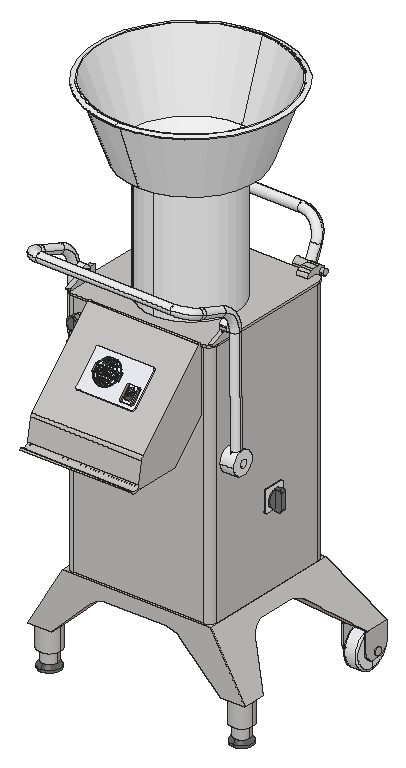
Revit family "QF_Hallde_RG400i-CF", category Specialty Equipment, Revit 2012
Parameters (values of type "RG-400i-CF")
  Width = 490 mm
  Weight in Pounds = 170
  Watts = 1500 W
  Volts [instance] = if([230 Volt Option], 230 V, if([400 Volt Option], 400 V, if([415 Volt Option], 415 V, 208 V)))  # 230 V
  URL Cutsheet = ""
  URL = "www.hallde.com"
  Status [instance] = ""
  Specification by User [instance] = ""
  Specification by Manufacturer [instance] = ""
  Show Logo [instance] = yes
  Show Clearance [instance] = yes
  Serial Number = ""
  Seismic Rating = ""
  SMACNA No = ""
  Revision Code [instance] = ""
  Phase = 3
  Number of Poles [instance] = 3
  NAFEM Spec ID Number = ""
  Model = "RG-400i-CF"
  Min Ckt Ampacity = 0 A
  Max Overcurrent Protection = 10 A
  Manufacturer = "HALLDE"
  Item Number [instance] = ""
  Installed By [instance] = ""
  Identify Quantity as Lot [instance] = no
  Height = 1210 mm
  HP = ""
  Furnished By [instance] = ""
  Foodservice Equipment Identifier [instance] = yes
  FL Amps = 0 A
  Electrical Remarks [instance] = ""
  Electric Connection Type [instance] = "Cord & Plug"
  Elec Conn RI Height [instance] = 0 mm
  Elec Conn Connection Height = 673 mm
  Description = "VEGETABLE PREPARATION MACHINE UP TO 2,4 TONS/HOUR WITH FEED HOPPER"
  Depth = 590 mm
  Cycle [instance] = if([208 Volt Option], 60 Hz, 50 Hz)  # 50 Hz
  Conn Plug = ""
  Conn Conduit = yes
  CSI MasterFormat = ""
  Assembly Code = "E1090320"
  Apparent Power = 1500 VA
  415 Volt Option [instance] = no
  400 Volt Option [instance] = no
  230 Volt Option [instance] = not(or([400 Volt Option], [415 Volt Option], [208 Volt Option]))  # yes
  208 Volt Option [instance] = no
Reference planes
  plane 1 "BACK": y = 0
  plane 2: z = 0
  plane 3 "LEFT": x = 0
  plane 4 "RIGHT": x = 492.5
  plane 5 "FRONT": y = -590
  plane 6 "TOP": z = 1210
Forms (mm)
  Extrusion 1, solid
    sketch origin (621.65, 699.5, 284.966) x (-1, 0, 0) y (0, 0, 1)
      loop
        line (391.971, 388.034) -> (383.31, 403.034) -> (365.99, 403.034) -> (357.33, 388.034) -> (365.99, 373.034) -> (383.31, 373.034) -> (391.971, 388.034)
    from -777 to -771
  Extrusion 2, solid, visible <- "Show Logo", detail levels medium+fine
    sketch origin (383, -543.122, 644.28) x (1, 0, 0) y (0, 0.707107, 0.707107)
      loop
        arc (-181, 122.471) -> (-184.536, 121.006) -> (-186, 117.471) r 5
        line (-186, 117.471) -> (-186, 42)
        arc (-186, 42) -> (-184.536, 38.464) -> (-181, 37) r 5
        line (-181, 37) -> (-61, 37)
        arc (-61, 37) -> (-57.464, 38.464) -> (-56, 42) r 5
        line (-56, 42) -> (-56, 117.471)
        arc (-56, 117.471) -> (-57.464, 121.006) -> (-61, 122.471) r 5
        line (-61, 122.471) -> (-181, 122.471)
    from 0 to 2
  Extrusion 3, solid, visible <- "Show Logo", detail levels medium+fine
    sketch origin (383, -543.122, 644.28) x (1, 0, 0) y (0, 0.707107, 0.707107)
      loop
        arc (-115.542, 92.677) -> (-142, 112.68) -> (-168.458, 92.677) r 27.5
        line (-168.458, 92.677) -> (-167.417, 92.677)
        arc (-167.417, 92.677) -> (-165.014, 98.317) -> (-161.379, 103.254) r 26.5
        arc (-161.379, 103.254) -> (-158.741, 101.652) -> (-155.972, 100.291) r 34.778
        arc (-155.972, 100.291) -> (-157.729, 96.584) -> (-158.982, 92.677) r 31
        line (-158.982, 92.677) -> (-157.95, 92.677)
        arc (-157.95, 92.677) -> (-156.733, 96.383) -> (-155.044, 99.9) r 30
        arc (-155.044, 99.9) -> (-152.126, 98.871) -> (-149.128, 98.105) r 34.778
        arc (-149.128, 98.105) -> (-149.77, 95.407) -> (-150.262, 92.677) r 50
        line (-150.262, 92.677) -> (-149.25, 92.677)
        arc (-149.25, 92.677) -> (-148.769, 95.311) -> (-148.144, 97.914) r 49
        arc (-148.144, 97.914) -> (-145.333, 97.53) -> (-142.5, 97.375) r 34.778
        line (-142.5, 97.375) -> (-142.5, 92.677) -> (-141.5, 92.677) -> (-141.5, 97.376)
        arc (-141.5, 97.376) -> (-138.668, 97.534) -> (-135.859, 97.923) r 34.778
        arc (-135.859, 97.923) -> (-135.232, 95.315) -> (-134.75, 92.677) r 49
        line (-134.75, 92.677) -> (-133.738, 92.677)
        arc (-133.738, 92.677) -> (-134.231, 95.412) -> (-134.875, 98.115) r 50
        arc (-134.875, 98.115) -> (-131.88, 98.885) -> (-128.965, 99.917) r 34.778
        arc (-128.965, 99.917) -> (-127.271, 96.393) -> (-126.05, 92.677) r 30
        line (-126.05, 92.677) -> (-125.018, 92.677)
        arc (-125.018, 92.677) -> (-126.274, 96.593) -> (-128.038, 100.309) r 31
        arc (-128.038, 100.309) -> (-125.274, 101.673) -> (-122.641, 103.276) r 34.778
        arc (-122.641, 103.276) -> (-118.993, 98.33) -> (-116.583, 92.677) r 26.5
        line (-116.583, 92.677) -> (-115.542, 92.677)
      loop
        arc (-145.339, 111.469) -> (-147.542, 111.094) -> (-149.707, 110.534) r 26.5
        arc (-149.707, 110.534) -> (-149.401, 109.643) -> (-148.993, 108.793) r 8
        arc (-148.993, 108.793) -> (-147.214, 110.198) -> (-145.339, 111.469) r 31
      loop
        arc (-143.355, 111.474) -> (-145.993, 109.84) -> (-148.447, 107.944) r 30
        arc (-148.447, 107.944) -> (-147.472, 106.844) -> (-146.313, 105.942) r 8
        arc (-146.313, 105.942) -> (-144.921, 108.754) -> (-143.355, 111.474) r 50
      loop
        arc (-140.645, 111.474) -> (-139.079, 108.754) -> (-137.687, 105.942) r 50
        arc (-137.687, 105.942) -> (-136.528, 106.844) -> (-135.553, 107.944) r 8
        arc (-135.553, 107.944) -> (-138.007, 109.84) -> (-140.645, 111.474) r 30
      loop
        arc (-138.661, 111.469) -> (-136.786, 110.198) -> (-135.007, 108.793) r 31
        arc (-135.007, 108.793) -> (-134.599, 109.643) -> (-134.293, 110.534) r 8
        arc (-134.293, 110.534) -> (-136.458, 111.094) -> (-138.661, 111.469) r 26.5
      loop
        arc (-142.5, 110.956) -> (-144.055, 108.252) -> (-145.436, 105.455) r 49
        arc (-145.436, 105.455) -> (-144.004, 104.935) -> (-142.5, 104.695) r 8
        line (-142.5, 104.695) -> (-142.5, 110.956)
      loop
        line (-141.5, 110.956) -> (-141.5, 104.695)
        arc (-141.5, 104.695) -> (-139.996, 104.935) -> (-138.564, 105.455) r 8
        arc (-138.564, 105.455) -> (-139.945, 108.252) -> (-141.5, 110.956) r 49
      loop
        arc (-160.672, 103.984) -> (-158.131, 102.459) -> (-155.467, 101.161) r 33.778
        arc (-155.467, 101.161) -> (-152.867, 104.848) -> (-149.759, 108.119) r 31
        arc (-149.759, 108.119) -> (-150.276, 109.143) -> (-150.659, 110.225) r 9
        arc (-150.659, 110.225) -> (-156.017, 107.669) -> (-160.672, 103.984) r 26.5
      loop
        arc (-123.349, 104.005) -> (-127.996, 107.677) -> (-133.341, 110.225) r 26.5
        arc (-133.341, 110.225) -> (-133.724, 109.143) -> (-134.241, 108.119) r 9
        arc (-134.241, 108.119) -> (-131.14, 104.857) -> (-128.544, 101.179) r 31
        arc (-128.544, 101.179) -> (-125.884, 102.478) -> (-123.349, 104.005) r 33.778
      loop
        arc (-154.533, 100.773) -> (-151.734, 99.797) -> (-148.859, 99.07) r 33.778
        arc (-148.859, 99.07) -> (-147.885, 102.078) -> (-146.723, 105.019) r 50
        arc (-146.723, 105.019) -> (-148.067, 106.032) -> (-149.198, 107.277) r 9
        arc (-149.198, 107.277) -> (-152.095, 104.213) -> (-154.533, 100.773) r 30
      loop
        arc (-147.873, 98.882) -> (-145.196, 98.521) -> (-142.5, 98.375) r 33.778
        line (-142.5, 98.375) -> (-142.5, 103.694)
        arc (-142.5, 103.694) -> (-144.211, 103.955) -> (-145.84, 104.54) r 9
        arc (-145.84, 104.54) -> (-146.943, 101.742) -> (-147.873, 98.882) r 49
      loop
        arc (-141.5, 98.376) -> (-138.805, 98.526) -> (-136.13, 98.891) r 33.778
        arc (-136.13, 98.891) -> (-137.058, 101.746) -> (-138.16, 104.54) r 49
        arc (-138.16, 104.54) -> (-139.789, 103.955) -> (-141.5, 103.694) r 9
        line (-141.5, 103.694) -> (-141.5, 98.376)
      loop
        arc (-135.144, 99.081) -> (-132.273, 99.811) -> (-129.477, 100.79) r 33.778
        arc (-129.477, 100.79) -> (-131.911, 104.22) -> (-134.802, 107.277) r 30
        arc (-134.802, 107.277) -> (-135.933, 106.032) -> (-137.277, 105.019) r 9
        arc (-137.277, 105.019) -> (-136.117, 102.083) -> (-135.144, 99.081) r 50
      loop
        line (-115.542, 77.682) -> (-116.583, 77.682)
        arc (-116.583, 77.682) -> (-118.993, 72.029) -> (-122.641, 67.084) r 26.5
        arc (-122.641, 67.084) -> (-125.274, 68.687) -> (-128.038, 70.05) r 34.778
        arc (-128.038, 70.05) -> (-126.274, 73.766) -> (-125.018, 77.682) r 31
        line (-125.018, 77.682) -> (-126.05, 77.682)
        arc (-126.05, 77.682) -> (-127.271, 73.967) -> (-128.965, 70.442) r 30
        arc (-128.965, 70.442) -> (-131.88, 71.474) -> (-134.875, 72.244) r 34.778
        arc (-134.875, 72.244) -> (-134.231, 74.947) -> (-133.738, 77.682) r 50
        line (-133.738, 77.682) -> (-134.75, 77.682)
        arc (-134.75, 77.682) -> (-135.232, 75.044) -> (-135.859, 72.436) r 49
        arc (-135.859, 72.436) -> (-138.668, 72.825) -> (-141.5, 72.983) r 34.778
        line (-141.5, 72.983) -> (-141.5, 77.682) -> (-142.5, 77.682) -> (-142.5, 72.984)
        arc (-142.5, 72.984) -> (-145.333, 72.83) -> (-148.144, 72.445) r 34.778
        arc (-148.144, 72.445) -> (-148.769, 75.049) -> (-149.25, 77.682) r 49
        line (-149.25, 77.682) -> (-150.262, 77.682)
        arc (-150.262, 77.682) -> (-149.77, 74.953) -> (-149.128, 72.255) r 50
        arc (-149.128, 72.255) -> (-152.126, 71.488) -> (-155.044, 70.459) r 34.778
        arc (-155.044, 70.459) -> (-156.733, 73.976) -> (-157.95, 77.682) r 30
        line (-157.95, 77.682) -> (-158.982, 77.682)
        arc (-158.982, 77.682) -> (-157.729, 73.776) -> (-155.972, 70.069) r 31
        arc (-155.972, 70.069) -> (-158.741, 68.707) -> (-161.379, 67.105) r 34.778
        arc (-161.379, 67.105) -> (-165.014, 72.042) -> (-167.417, 77.682) r 26.5
        line (-167.417, 77.682) -> (-168.458, 77.682)
        arc (-168.458, 77.682) -> (-142, 57.68) -> (-115.542, 77.682) r 27.5
      loop
        arc (-145.339, 58.891) -> (-147.214, 60.162) -> (-148.993, 61.566) r 31
        arc (-148.993, 61.566) -> (-149.401, 60.717) -> (-149.707, 59.825) r 8
        arc (-149.707, 59.825) -> (-147.542, 59.266) -> (-145.339, 58.891) r 26.5
      loop
        arc (-143.355, 58.886) -> (-144.921, 61.605) -> (-146.313, 64.418) r 50
        arc (-146.313, 64.418) -> (-147.472, 63.515) -> (-148.447, 62.416) r 8
        arc (-148.447, 62.416) -> (-145.993, 60.519) -> (-143.355, 58.886) r 30
      loop
        arc (-140.645, 58.886) -> (-138.007, 60.519) -> (-135.553, 62.416) r 30
        arc (-135.553, 62.416) -> (-136.528, 63.515) -> (-137.687, 64.418) r 8
        arc (-137.687, 64.418) -> (-139.079, 61.605) -> (-140.645, 58.886) r 50
      loop
        arc (-138.661, 58.891) -> (-136.458, 59.266) -> (-134.293, 59.825) r 26.5
        arc (-134.293, 59.825) -> (-134.599, 60.717) -> (-135.007, 61.566) r 8
        arc (-135.007, 61.566) -> (-136.786, 60.162) -> (-138.661, 58.891) r 31
      loop
        line (-142.5, 59.404) -> (-142.5, 65.664)
        arc (-142.5, 65.664) -> (-144.004, 65.425) -> (-145.436, 64.904) r 8
        arc (-145.436, 64.904) -> (-144.055, 62.107) -> (-142.5, 59.404) r 49
      loop
        arc (-141.5, 59.404) -> (-139.945, 62.107) -> (-138.564, 64.904) r 49
        arc (-138.564, 64.904) -> (-139.996, 65.425) -> (-141.5, 65.664) r 8
        line (-141.5, 65.664) -> (-141.5, 59.404)
      loop
        arc (-160.672, 66.375) -> (-156.017, 62.69) -> (-150.659, 60.134) r 26.5
        arc (-150.659, 60.134) -> (-150.276, 61.216) -> (-149.759, 62.24) r 9
        arc (-149.759, 62.24) -> (-152.867, 65.511) -> (-155.467, 69.198) r 31
        arc (-155.467, 69.198) -> (-158.131, 67.901) -> (-160.672, 66.375) r 33.778
      loop
        arc (-123.349, 66.354) -> (-125.884, 67.881) -> (-128.544, 69.18) r 33.778
        arc (-128.544, 69.18) -> (-131.14, 65.503) -> (-134.241, 62.24) r 31
        arc (-134.241, 62.24) -> (-133.724, 61.216) -> (-133.341, 60.134) r 9
        arc (-133.341, 60.134) -> (-127.996, 62.682) -> (-123.349, 66.354) r 26.5
      loop
        arc (-154.533, 69.586) -> (-152.095, 66.146) -> (-149.198, 63.082) r 30
        arc (-149.198, 63.082) -> (-148.067, 64.328) -> (-146.723, 65.341) r 9
        arc (-146.723, 65.341) -> (-147.885, 68.281) -> (-148.859, 71.289) r 50
        arc (-148.859, 71.289) -> (-151.734, 70.562) -> (-154.533, 69.586) r 33.778
      loop
        arc (-147.873, 71.478) -> (-146.943, 68.617) -> (-145.84, 65.819) r 49
        arc (-145.84, 65.819) -> (-144.211, 66.404) -> (-142.5, 66.666) r 9
        line (-142.5, 66.666) -> (-142.5, 71.984)
        arc (-142.5, 71.984) -> (-145.196, 71.838) -> (-147.873, 71.478) r 33.778
      loop
        line (-141.5, 71.983) -> (-141.5, 66.666)
        arc (-141.5, 66.666) -> (-139.789, 66.404) -> (-138.16, 65.819) r 9
        arc (-138.16, 65.819) -> (-137.058, 68.613) -> (-136.13, 71.469) r 49
        arc (-136.13, 71.469) -> (-138.805, 71.833) -> (-141.5, 71.983) r 33.778
      loop
        arc (-135.144, 71.279) -> (-136.117, 68.276) -> (-137.277, 65.341) r 50
        arc (-137.277, 65.341) -> (-135.933, 64.328) -> (-134.802, 63.082) r 9
        arc (-134.802, 63.082) -> (-131.911, 66.139) -> (-129.477, 69.57) r 30
        arc (-129.477, 69.57) -> (-132.273, 70.549) -> (-135.144, 71.279) r 33.778
    from 0 to 2.5
  Extrusion 4, solid, visible <- "Show Logo", detail levels medium+fine
    sketch origin (383, -543.122, 644.28) x (1, 0, 0) y (0, 0.707107, 0.707107)
      loop
        line (-167.5, 89.43) -> (-167.5, 80.93) -> (-165, 80.93) -> (-165, 83.93) -> (-161, 83.93) -> (-161, 80.93) -> (-158.5, 80.93) -> (-158.5, 87.43) -> (-154.8, 87.43) -> (-158.428, 80.93) -> (-156.228, 80.93) -> (-155.101, 82.92) -> (-149.899, 82.92) -> (-148.772, 80.93) -> (-146.744, 80.93) -> (-150.2, 87.43) -> (-146.5, 87.43) -> (-146.5, 80.93) -> (-140, 80.93) -> (-140, 83.43) -> (-144, 83.43) -> (-144, 89.43) -> (-161, 89.43) -> (-161, 86.43) -> (-165, 86.43) -> (-165, 89.43) -> (-167.5, 89.43)
      loop
        line (-152.5, 87.512) -> (-153.983, 84.894) -> (-151.017, 84.894) -> (-152.5, 87.512)
      loop
        line (-139.5, 80.93) -> (-133, 80.93) -> (-133, 83.43) -> (-137, 83.43) -> (-137, 89.43) -> (-139.5, 89.43) -> (-139.5, 80.93)
      loop
        line (-132.534, 80.93) -> (-127.034, 80.93)
        arc (-127.034, 80.93) -> (-124.013, 85.18) -> (-127.034, 89.43) r 4.5
        line (-127.034, 89.43) -> (-132.534, 89.43) -> (-132.534, 80.93)
      loop
        line (-130.034, 86.93) -> (-130.034, 83.43) -> (-127.545, 83.43)
        arc (-127.545, 83.43) -> (-126.513, 85.18) -> (-127.545, 86.93) r 2
        line (-127.545, 86.93) -> (-130.034, 86.93)
      loop
        line (-123.528, 80.93) -> (-116.537, 80.93) -> (-116.537, 82.947) -> (-121.025, 82.947) -> (-121.025, 84.444) -> (-116.537, 84.444) -> (-116.537, 85.916) -> (-121.025, 85.916) -> (-121.025, 87.412) -> (-116.537, 87.412) -> (-116.537, 89.43) -> (-123.528, 89.43) -> (-123.528, 80.93)
    from 0 to 3
  Extrusion 5, solid, visible <- "Show Logo", detail levels medium+fine
    sketch origin (383, -543.122, 644.28) x (1, 0, 0) y (0, 0.707107, 0.707107)
      loop
        line (-172, 92.677) -> (-172, 77.682) -> (-112, 77.682) -> (-112, 92.677) -> (-172, 92.677)
    from 0 to 2.5
  Extrusion 6, solid, visible <- "Show Logo", detail levels medium+fine
    sketch origin (1925.081, -653.705, 536.526) x (1, 0, 0) y (0, 0.707107, 0.707107)
      loop
        line (-1630.197, 199.484) -> (-1610.197, 199.484) -> (-1610.197, 222.978) -> (-1616.517, 218.395) -> (-1616.517, 215.917)
        arc (-1616.517, 215.917) -> (-1616.154, 215.256) -> (-1615.433, 215.479) r 0.597
        line (-1615.433, 215.479) -> (-1613.799, 219.523)
        arc (-1613.799, 219.523) -> (-1612.571, 220.103) -> (-1611.894, 218.925) r 1.001
        line (-1611.894, 218.925) -> (-1615.905, 206.143) -> (-1626.362, 206.143) -> (-1626.861, 210.894) -> (-1630.197, 208.475) -> (-1630.197, 199.484)
      loop
        line (-1630.197, 234.484) -> (-1630.197, 212.472) -> (-1627.252, 214.608) -> (-1627.355, 215.596) -> (-1627.355, 227.235)
        arc (-1627.355, 227.235) -> (-1626.379, 228.212) -> (-1625.403, 227.235) r 0.976
        line (-1625.403, 227.235) -> (-1625.403, 219.646)
        arc (-1625.403, 219.646) -> (-1624.9, 219.143) -> (-1624.398, 219.646) r 0.502
        line (-1624.398, 219.646) -> (-1624.398, 228.293)
        arc (-1624.398, 228.293) -> (-1623.406, 229.285) -> (-1622.414, 228.293) r 0.992
        line (-1622.414, 228.293) -> (-1622.414, 219.646)
        arc (-1622.414, 219.646) -> (-1621.912, 219.143) -> (-1621.41, 219.646) r 0.502
        line (-1621.41, 219.646) -> (-1621.41, 229.245)
        arc (-1621.41, 229.245) -> (-1620.458, 230.197) -> (-1619.506, 229.245) r 0.952
        line (-1619.506, 229.245) -> (-1619.506, 220.225) -> (-1618.421, 221.012) -> (-1618.421, 227.235)
        arc (-1618.421, 227.235) -> (-1617.469, 228.187) -> (-1616.517, 227.235) r 0.952
        line (-1616.517, 227.235) -> (-1616.517, 222.392) -> (-1610.197, 226.975) -> (-1610.197, 234.484) -> (-1630.197, 234.484)
    from -2 to 0.5
  Extrusion 7, solid, visible <- "Show Logo", detail levels medium+fine
    sketch origin (1925.081, -653.705, 536.526) x (1, 0, 0) y (0, 0.707107, 0.707107)
      loop
        arc (-1630.197, 234.484) -> (-1633.733, 233.019) -> (-1635.197, 229.484) r 5
        line (-1635.197, 229.484) -> (-1635.197, 204.484)
        arc (-1635.197, 204.484) -> (-1633.733, 200.948) -> (-1630.197, 199.484) r 5
        line (-1630.197, 199.484) -> (-1630.197, 208.475) -> (-1610.197, 222.978) -> (-1610.197, 199.484)
        arc (-1610.197, 199.484) -> (-1606.662, 200.948) -> (-1605.197, 204.484) r 5
        line (-1605.197, 204.484) -> (-1605.197, 229.484)
        arc (-1605.197, 229.484) -> (-1606.662, 233.019) -> (-1610.197, 234.484) r 5
        line (-1610.197, 234.484) -> (-1610.197, 226.975) -> (-1630.197, 212.472) -> (-1630.197, 234.484)
    from -2 to 0.5
  Extrusion 8, solid, visible <- "Show Logo", detail levels medium+fine
    sketch origin (1925.081, -653.705, 536.526) x (1, 0, 0) y (0, 0.707107, 0.707107)
      loop
        line (-1615.905, 206.143) -> (-1611.894, 218.925)
        arc (-1611.894, 218.925) -> (-1612.571, 220.103) -> (-1613.799, 219.523) r 1.001
        line (-1613.799, 219.523) -> (-1615.433, 215.479)
        arc (-1615.433, 215.479) -> (-1616.154, 215.256) -> (-1616.517, 215.917) r 0.597
        line (-1616.517, 215.917) -> (-1616.517, 218.395) -> (-1626.861, 210.894) -> (-1626.362, 206.143) -> (-1615.905, 206.143)
      loop
        line (-1627.252, 214.608) -> (-1619.506, 220.225) -> (-1619.506, 229.245)
        arc (-1619.506, 229.245) -> (-1620.458, 230.197) -> (-1621.41, 229.245) r 0.952
        line (-1621.41, 229.245) -> (-1621.41, 219.646)
        arc (-1621.41, 219.646) -> (-1621.912, 219.143) -> (-1622.414, 219.646) r 0.502
        line (-1622.414, 219.646) -> (-1622.414, 228.293)
        arc (-1622.414, 228.293) -> (-1623.406, 229.285) -> (-1624.398, 228.293) r 0.992
        line (-1624.398, 228.293) -> (-1624.398, 219.646)
        arc (-1624.398, 219.646) -> (-1624.9, 219.143) -> (-1625.403, 219.646) r 0.502
        line (-1625.403, 219.646) -> (-1625.403, 227.235)
        arc (-1625.403, 227.235) -> (-1626.379, 228.212) -> (-1627.355, 227.235) r 0.976
        line (-1627.355, 227.235) -> (-1627.355, 215.596) -> (-1627.252, 214.608)
      loop
        line (-1618.421, 221.012) -> (-1616.517, 222.392) -> (-1616.517, 227.235)
        arc (-1616.517, 227.235) -> (-1617.469, 228.187) -> (-1618.421, 227.235) r 0.952
        line (-1618.421, 227.235) -> (-1618.421, 221.012)
    from -2 to 0.5
  Extrusion 9, solid
    sketch origin (0, 69.401, -8.256) x (0, 1, 0) y (0, 0, 1)
      loop
        arc (-149.266, 782.3) -> (-135.722, 783.174) -> (-138.4, 796.48) r 9.013
        line (-138.4, 796.48) -> (-143.457, 799.374)
        arc (-143.457, 799.374) -> (-145.858, 800.357) -> (-148.43, 800.696) r 10.1
        line (-148.43, 800.696) -> (-164.554, 800.696)
        arc (-164.554, 800.696) -> (-167.103, 800.363) -> (-169.486, 799.397) r 10.1
        line (-169.486, 799.397) -> (-175.242, 796.14)
        arc (-175.242, 796.14) -> (-178.735, 792.818) -> (-180.291, 788.256) r 10.1
        line (-180.291, 788.256) -> (-157.901, 788.256) -> (-157.901, 785.133)
        arc (-157.901, 785.133) -> (-153.244, 784.753) -> (-149.266, 782.3) r 10.015
    from 151 to 176
  Extrusion 10, solid
    sketch origin (0, 0, -25) x (0, 1, 0) y (0, 0, 1)
      loop
        line (-404.5, 658.694) -> (-404.5, 801.364) -> (-406.5, 801.364) -> (-406.5, 805)
        arc (-406.5, 805) -> (-408.448, 804.588) -> (-410.191, 803.625) r 6.751
        line (-410.191, 803.625) -> (-564.704, 649.113)
        arc (-564.704, 649.113) -> (-567.043, 645.917) -> (-568.319, 642.168) r 13.1
        line (-568.319, 642.168) -> (-576.466, 595.964)
        arc (-576.466, 595.964) -> (-582.215, 588.868) -> (-591.336, 589.346) r 10.06
        line (-591.336, 589.346) -> (-596.296, 592.21) -> (-597.798, 589.608) -> (-592.838, 586.744)
        arc (-592.838, 586.744) -> (-583.35, 585.345) -> (-575.479, 590.823) r 13.019
        arc (-575.479, 590.823) -> (-572.787, 588.242) -> (-569.178, 587.302) r 7.397
        line (-569.178, 587.302) -> (-475.892, 587.302) -> (-404.5, 658.694)
    from 138 to 386
  Extrusion 11, solid
    sketch origin (-49.671, 77.013, -9.485) x (0, 1, 0) y (0, 0, 1)
      loop
        circle (-434.605, 548) r 25
    from 101.671 to 131.671
  Sweep 12, solid
    path origin (1581.838, -316.795, 204.886) x (-1, 0, 0) y (0, 0.422618, 0.906308)
      loop
        line (1445.838, 560.542) -> (1445.838, 663.531)
        arc (1445.838, 663.531) -> (1431.164, 698.853) -> (1395.842, 713.527) r 50.1
        line (1395.842, 713.527) -> (1282.316, 713.527)
        arc (1282.316, 713.527) -> (1246.993, 698.853) -> (1232.319, 663.531) r 50.1
        line (1232.319, 663.531) -> (1232.319, 560.542)
    profile origin (136, -58.138, 759.579) x (1, 0, 0) y (0, 0.906308, -0.422618)
      loop
        circle (0, 0) r 10
  Sweep 13, solid
    path origin (67, 81.461, 4.703) x (0, 0.999965, 0.008332) y (0, -0.008332, 0.999965)
      loop
        line (-434.515, 537.245) -> (-434.515, 798.245)
        arc (-434.515, 798.245) -> (-445.415, 832.494) -> (-473.933, 854.368) r 60
        line (-473.933, 854.368) -> (-528.718, 874.375)
    profile origin (67, -358.603, 668.805) x (0, -0.999965, -0.008332) y (1, 0, 0)
      loop
        circle (0, 0) r 10
  Sweep 14, solid
    path origin (1590.316, 993.171, 360.598) x (1, 0, 0) y (0, 0.942357, -0.33461)
      loop
        line (-1523.309, -1536.25) -> (-1523.309, -1546.25)
        arc (-1523.309, -1546.25) -> (-1514.391, -1567.779) -> (-1492.862, -1576.697) r 30.447
        line (-1492.862, -1576.697) -> (-1193.756, -1576.697)
        arc (-1193.756, -1576.697) -> (-1172.227, -1567.779) -> (-1163.309, -1546.25) r 30.447
        line (-1163.309, -1546.25) -> (-1163.309, -1536.25)
    profile origin (67.007, -459.236, 876.316) x (1, 0, 0) y (0, 0.33461, 0.942357)
      loop
        circle (0, 0) r 10
  Extrusion 15, solid
    sketch origin (545.671, 86.841, 37.882) x (0, 1, 0) y (0, 0, 1)
      loop
        line (-302.517, 393.405) -> (-340.517, 393.405)
        arc (-340.517, 393.405) -> (-344.053, 391.94) -> (-345.517, 388.405) r 5
        line (-345.517, 388.405) -> (-345.517, 350.405)
        arc (-345.517, 350.405) -> (-344.053, 346.869) -> (-340.517, 345.405) r 5
        line (-340.517, 345.405) -> (-302.517, 345.405)
        arc (-302.517, 345.405) -> (-298.982, 346.869) -> (-297.517, 350.405) r 5
        line (-297.517, 350.405) -> (-297.517, 388.405)
        arc (-297.517, 388.405) -> (-298.982, 391.94) -> (-302.517, 393.405) r 5
    from -136.671 to -133.671
  Extrusion 16, solid
    sketch origin (548.671, 86.841, 37.882) x (0, 1, 0) y (0, 0, 1)
      loop
        line (-302.517, 393.405) -> (-340.517, 393.405)
        arc (-340.517, 393.405) -> (-344.053, 391.94) -> (-345.517, 388.405) r 5
        line (-345.517, 388.405) -> (-345.517, 350.405)
        arc (-345.517, 350.405) -> (-344.053, 346.869) -> (-340.517, 345.405) r 5
        line (-340.517, 345.405) -> (-302.517, 345.405)
        arc (-302.517, 345.405) -> (-298.982, 346.869) -> (-297.517, 350.405) r 5
        line (-297.517, 350.405) -> (-297.517, 388.405)
        arc (-297.517, 388.405) -> (-298.982, 391.94) -> (-302.517, 393.405) r 5
    from -136.671 to -134.671
  Extrusion 17, solid
    sketch origin (-42.671, -253.159, 30.575) x (-1, 0, 0) y (0, 0, 1)
      loop
        arc (-471.671, 397.405) -> (-475.178, 395.912) -> (-476.671, 392.405) r 5.1
        line (-476.671, 392.405) -> (-476.671, 358.405)
        arc (-476.671, 358.405) -> (-475.178, 354.898) -> (-471.671, 353.405) r 5.1
        line (-471.671, 353.405) -> (-461.671, 353.405) -> (-461.671, 397.405) -> (-471.671, 397.405)
    from 13.447 to 23.447
  Extrusion 18, solid
    sketch origin (545.671, 86.841, 30.575) x (0, 1, 0) y (0, 0, 1)
      loop
        circle (-321.553, 375.405) r 18
    from -131.671 to -126.671
  Extrusion 19, solid
    sketch origin (0, 76.646, -4.603) x (0, 1, 0) y (0, 0, 1)
      loop
        line (-410.497, 807.637) -> (-420.512, 807.637)
        arc (-420.512, 807.637) -> (-423.445, 800.555) -> (-430.527, 797.622) r 10.015
        line (-430.527, 797.622) -> (-442.165, 797.622)
        arc (-442.165, 797.622) -> (-443.9, 798.173) -> (-444.998, 799.625) r 3.004
        line (-444.998, 799.625) -> (-478.238, 787.553) -> (-478.238, 784.603) -> (-410.497, 784.603) -> (-410.497, 807.637)
    from 83 to 93
  Extrusion 20, solid
    sketch origin (588.343, 68.483, -8.852) x (0, 1, 0) y (0, 0, 1)
      loop
        circle (-428.183, 811.871) r 10
    from -510.543 to -494.543
  Revolve 21, solid
    sketch origin (31.831, 79.774, 0) x (0, 1, 0) y (0, 0, 1)
      loop
        line (-463.388, 0) -> (-440.086, 0) -> (-440.086, 4) -> (-447.32, 14) -> (-463.388, 14) -> (-463.388, 0)
      axis (-463.388, 14) -> (-463.388, 0)
    angle from 0 to 360
  Extrusion 22, solid
    sketch origin (6.831, 79.774, 0) x (1, 0, 0) y (0, 1, 0)
      loop
        circle (25, -463.388) r 17.5
    from 14 to 40
  Extrusion 23, solid
    sketch origin (0, 0, -26.307) x (1, 0, 0) y (0, 0, 1)
      loop
        line (346.599, 203.662) -> (433.954, 116.307) -> (487.5, 116.307) -> (412, 248.307) -> (82, 248.307) -> (5, 116.307) -> (58.546, 116.307) -> (145.901, 203.662)
        arc (145.901, 203.662) -> (162.122, 214.501) -> (181.256, 218.307) r 50
        line (181.256, 218.307) -> (311.244, 218.307)
        arc (311.244, 218.307) -> (330.378, 214.501) -> (346.599, 203.662) r 50
    from 14 to 409.969
  Extrusion 24, solid
    sketch origin (0, 0, 0) x (0, 1, 0) y (0, 0, 1)
      loop
        circle (-42, 42) r 7.5
    from 0 to 63
  Revolve 25, solid
    sketch origin (0, -42, 0) x (-1, 0, 0) y (0, 0, 1)
      loop
        line (-45, 42) -> (-45, 3)
        arc (-45, 3) -> (-44.152, 0.848) -> (-42, 0) r 2.9
        line (-42, 0) -> (-18, 0)
        arc (-18, 0) -> (-15.848, 0.848) -> (-15, 3) r 2.9
        line (-15, 3) -> (-15, 42) -> (-45, 42)
      axis (-15, 42) -> (-45, 42)
    angle from 0 to 360
  Extrusion 26, void
    sketch origin (0, 0, -26.307) x (0, 1, 0) y (0, 0, 1)
      loop
        line (-325.968, 190.76) -> (-357.679, 115.307) -> (-64.993, 115.307) -> (-172.265, 208.207)
        arc (-172.265, 208.207) -> (-188.752, 217.985) -> (-207.616, 221.387) r 54
        line (-207.616, 221.387) -> (-279.874, 221.387)
        arc (-279.874, 221.387) -> (-307.545, 213.032) -> (-325.968, 190.76) r 50
      loop
        line (-11.286, 116.321) -> (-11.286, 248.307) -> (-87.488, 248.307) -> (-11.286, 116.321)
    from 0 to 492.5
  Revolve 27, solid
    sketch origin (262.5, 71.251, 0) x (0, 1, 0) y (0, 0, 1)
      loop
        line (-150.822, 1206.02) -> (-139.447, 1206.02) -> (-139.057, 1207.476) -> (-148.478, 1210) -> (-151.523, 1210) -> (-206.875, 1055.154) -> (-249.251, 1032.191) -> (-249.251, 780) -> (-247.251, 780) -> (-247.251, 1031) -> (-205.25, 1053.76) -> (-150.822, 1206.02)
      axis (-349.751, 1210) -> (-349.751, 780)
    angle from 0 to 360
  Extrusion 28, solid
    sketch origin (0, 0, -25) x (1, 0, 0) y (0, 1, 0)
      loop
        arc (102, -90.5) -> (89.95, -95.45) -> (85, -107.5) r 16.9
        line (85, -107.5) -> (85, -387.5)
        arc (85, -387.5) -> (89.95, -399.55) -> (102, -404.5) r 16.9
        line (102, -404.5) -> (392, -404.5)
        arc (392, -404.5) -> (404.05, -399.55) -> (409, -387.5) r 16.9
        line (409, -387.5) -> (409, -107.5)
        arc (409, -107.5) -> (404.05, -95.45) -> (392, -90.5) r 16.9
        line (392, -90.5) -> (102, -90.5)
    from 247 to 801
  Extrusion 29, solid
    sketch origin (0, 0, -25) x (1, 0, 0) y (0, 1, 0)
      loop
        arc (102.006, -88.5) -> (88.535, -94.035) -> (83, -107.506) r 18.9
        line (83, -107.506) -> (83, -387.494)
        arc (83, -387.494) -> (88.535, -400.965) -> (102.006, -406.5) r 18.9
        line (102.006, -406.5) -> (391.994, -406.5)
        arc (391.994, -406.5) -> (405.465, -400.965) -> (411, -387.494) r 18.9
        line (411, -387.494) -> (411, -107.506)
        arc (411, -107.506) -> (405.465, -94.035) -> (391.994, -88.5) r 18.9
        line (391.994, -88.5) -> (102.006, -88.5)
    from 801 to 805
  Extrusion 30, solid
    sketch origin (0, 0, -25) x (0, 1, 0) y (0, 0, 1)
      loop
        circle (-357.592, 563.515) r 7.5
    from 85 to 50
  Extrusion 31, solid
    sketch origin (213.5, 69.401, -8.256) x (0, 1, 0) y (0, 0, 1)
      loop
        arc (-149.266, 782.3) -> (-135.722, 783.174) -> (-138.4, 796.48) r 9.013
        line (-138.4, 796.48) -> (-143.457, 799.374)
        arc (-143.457, 799.374) -> (-145.858, 800.357) -> (-148.43, 800.696) r 10.1
        line (-148.43, 800.696) -> (-164.554, 800.696)
        arc (-164.554, 800.696) -> (-167.103, 800.363) -> (-169.486, 799.397) r 10.1
        line (-169.486, 799.397) -> (-175.242, 796.14)
        arc (-175.242, 796.14) -> (-178.735, 792.818) -> (-180.291, 788.256) r 10.1
        line (-180.291, 788.256) -> (-157.901, 788.256) -> (-157.901, 785.133)
        arc (-157.901, 785.133) -> (-153.244, 784.753) -> (-149.266, 782.3) r 10.015
    from 151 to 176
  Extrusion 32, solid
    sketch origin (0, 0, -25) x (0, 1, 0) y (0, 0, 1)
      loop
        circle (-359.7, 828.019) r 4
    from 68 to 98
  Revolve 33, solid
    sketch origin (119, 486.351, 2182.061) x (0, 0, 1) y (0, -1, 0)
      loop
        line (-1449.061, 900.851) -> (-1434.061, 900.851) -> (-1434.061, 912.527)
        arc (-1434.061, 912.527) -> (-1434.674, 913.914) -> (-1436.061, 914.527) r 2.1
        line (-1436.061, 914.527) -> (-1449.061, 914.527) -> (-1449.061, 900.851)
      axis (-1449.061, 914.527) -> (-1449.061, 900.851)
    angle from 0 to 360
  Revolve 34, solid
    sketch origin (119, 486.351, 2137.061) x (0, 0, 1) y (0, -1, 0)
      loop
        line (-1449.061, 900.851) -> (-1434.061, 900.851) -> (-1434.061, 912.527)
        arc (-1434.061, 912.527) -> (-1434.674, 913.914) -> (-1436.061, 914.527) r 2.1
        line (-1436.061, 914.527) -> (-1449.061, 914.527) -> (-1449.061, 900.851)
      axis (-1449.061, 914.527) -> (-1449.061, 900.851)
    angle from 0 to 360
  Extrusion 35, solid
    sketch origin (543.671, 77.013, -9.485) x (0, 1, 0) y (0, 0, -1)
      loop
        circle (-434.605, -548) r 25
    from 101.671 to 131.671
  Sweep 36, solid
    path origin (427, 81.461, 4.703) x (0, 0.999965, 0.008332) y (0, 0.008332, -0.999965)
      loop
        line (-434.515, -537.245) -> (-434.515, -798.245)
        arc (-434.515, -798.245) -> (-445.415, -832.494) -> (-473.933, -854.368) r 60
        line (-473.933, -854.368) -> (-528.718, -874.375)
    profile origin (427, -358.603, 668.805) x (0, 0.999965, 0.008332) y (-1, 0, 0)
      loop
        circle (0, 0) r 10
  Extrusion 37, solid
    sketch origin (494, 76.646, -4.603) x (0, 1, 0) y (0, 0, -1)
      loop
        line (-410.497, -807.637) -> (-410.497, -784.603) -> (-478.238, -784.603) -> (-478.238, -787.553) -> (-444.998, -799.625)
        arc (-444.998, -799.625) -> (-443.9, -798.173) -> (-442.165, -797.622) r 3.004
        line (-442.165, -797.622) -> (-430.527, -797.622)
        arc (-430.527, -797.622) -> (-423.445, -800.555) -> (-420.512, -807.637) r 10.015
        line (-420.512, -807.637) -> (-410.497, -807.637)
    from 83 to 93
  Extrusion 38, solid
    sketch origin (-94.343, 68.483, -8.852) x (0, 1, 0) y (0, 0, -1)
      loop
        circle (-428.183, -811.871) r 10
    from -510.543 to -494.543
  Extrusion 39, solid
    sketch origin (494, 0, -25) x (0, 1, 0) y (0, 0, -1)
      loop
        circle (-357.592, -563.515) r 7.5
    from 85 to 50
  Extrusion 40, solid
    sketch origin (494, 0, -25) x (0, 1, 0) y (0, 0, -1)
      loop
        circle (-359.7, -828.019) r 4
    from 68 to 98
  Extrusion 41, solid
    sketch origin (0, -340, -25) x (-1, 0, 0) y (0, 0, 1)
      loop
        circle (-119, 758) r 12
    from -74.5 to -64.5
  Extrusion 42, solid
    sketch origin (0, -340, -70) x (-1, 0, 0) y (0, 0, 1)
      loop
        circle (-119, 758) r 12
    from -74.5 to -64.5
  Extrusion 43, solid
    sketch origin (5, 0, 0) x (0, 1, 0) y (0, 0, 1)
      loop
        line (-14, 90) -> (-70, 90) -> (-70, 47)
        arc (-70, 47) -> (-64.142, 32.858) -> (-50, 27) r 20
        line (-50, 27) -> (-34, 27)
        arc (-34, 27) -> (-19.858, 32.858) -> (-14, 47) r 20
        line (-14, 47) -> (-14, 90)
    from 0 to 4
  Extrusion 44, solid
    sketch origin (54.603, 0, 0) x (0, 1, 0) y (0, 0, 1)
      loop
        line (-14, 90) -> (-70, 90) -> (-70, 47)
        arc (-70, 47) -> (-64.142, 32.858) -> (-50, 27) r 20
        line (-50, 27) -> (-34, 27)
        arc (-34, 27) -> (-19.858, 32.858) -> (-14, 47) r 20
        line (-14, 47) -> (-14, 90)
    from 0 to 4
  Extrusion 45, solid
    sketch origin (491.058, 0, 0) x (0, 1, 0) y (0, 0, -1)
      loop
        circle (-42, -42) r 7.5
    from -1.442 to 63
  Revolve 46, solid
    sketch origin (492.5, -42, 0) x (1, 0, 0) y (0, 0, -1)
      loop
        line (-45, -42) -> (-15, -42) -> (-15, -3)
        arc (-15, -3) -> (-15.848, -0.848) -> (-18, 0) r 2.9
        line (-18, 0) -> (-42, 0)
        arc (-42, 0) -> (-44.152, -0.848) -> (-45, -3) r 2.9
        line (-45, -3) -> (-45, -42)
      axis (-15, -42) -> (-45, -42)
    angle from 0 to 360
  Extrusion 47, solid
    sketch origin (487.5, 0, 0) x (0, 1, 0) y (0, 0, -1)
      loop
        line (-14, -90) -> (-14, -47)
        arc (-14, -47) -> (-19.858, -32.858) -> (-34, -27) r 20
        line (-34, -27) -> (-50, -27)
        arc (-50, -27) -> (-64.142, -32.858) -> (-70, -47) r 20
        line (-70, -47) -> (-70, -90) -> (-14, -90)
    from 0 to 4
  Extrusion 48, solid
    sketch origin (437.954, 0, 0) x (0, 1, 0) y (0, 0, -1)
      loop
        line (-14, -90) -> (-14, -47)
        arc (-14, -47) -> (-19.858, -32.858) -> (-34, -27) r 20
        line (-34, -27) -> (-50, -27)
        arc (-50, -27) -> (-64.142, -32.858) -> (-70, -47) r 20
        line (-70, -47) -> (-70, -90) -> (-14, -90)
    from 0 to 4
  Extrusion 49, solid
    sketch origin (0, 0, 0) x (1, 0, 0) y (0, 1, 0)
      loop
        circle (31.831, -383.614) r 25
    from 40 to 90
  Revolve 50, solid
    sketch origin (460.727, 79.774, 0) x (0, 1, 0) y (0, 0, -1)
      loop
        line (-463.388, 0) -> (-463.388, -14) -> (-447.32, -14) -> (-440.086, -4) -> (-440.086, 0) -> (-463.388, 0)
      axis (-463.388, -14) -> (-463.388, 0)
    angle from 0 to 360
  Extrusion 51, solid
    sketch origin (485.727, 79.774, 0) x (-1, 0, 0) y (0, -1, 0)
      loop
        circle (25, 463.388) r 17.5
    from 14 to 40
  Extrusion 52, solid
    sketch origin (492.558, 0, 0) x (-1, 0, 0) y (0, -1, 0)
      loop
        circle (31.831, 383.614) r 25
    from 40 to 90
  Extrusion 53, solid
    sketch origin (0, 0, 0) x (0, 1, 0) y (0, 0, 1)
      loop
        line (-90.5, 771.5) -> (-90.5, 722.5) -> (-64.5, 722.5) -> (-64.5, 779.938)
        arc (-64.5, 779.938) -> (-73.5, 788.938) -> (-82.5, 779.938) r 9
        line (-82.5, 779.938) -> (-82.5, 771.5) -> (-90.5, 771.5)
    from 121 to 151
  Extrusion 54, solid
    sketch origin (213.5, 0, 0) x (0, 1, 0) y (0, 0, 1)
      loop
        line (-90.5, 771.5) -> (-90.5, 722.5) -> (-64.5, 722.5) -> (-64.5, 779.938)
        arc (-64.5, 779.938) -> (-73.5, 788.938) -> (-82.5, 779.938) r 9
        line (-82.5, 779.938) -> (-82.5, 771.5) -> (-90.5, 771.5)
    from 121 to 151
  Extrusion 55, solid
    sketch origin (176, 0, 0) x (0, 1, 0) y (0, 0, 1)
      loop
        circle (-73.475, 780.401) r 6
    from 0 to 10
  Extrusion 56, solid
    sketch origin (389.5, 0, 0) x (0, 1, 0) y (0, 0, 1)
      loop
        circle (-73.475, 780.401) r 6
    from 0 to 10
  Revolve 57, solid
    sketch origin (247, 0, 0) x (0, 1, 0) y (0, 0, 1)
      loop
        line (-87.5, 673) -> (-65.5, 673) -> (-65.5, 684.448)
        arc (-65.5, 684.448) -> (-66.387, 686.763) -> (-68.512, 688.038) r 3.8
        line (-68.512, 688.038) -> (-71.5, 688.038) -> (-71.5, 686.431) -> (-77.5, 686.431) -> (-77.5, 688.038) -> (-80.5, 688.038) -> (-80.5, 686.431) -> (-87.5, 686.431) -> (-87.5, 673)
      axis (-65.5, 673) -> (-87.5, 673)
    angle from 0 to 360
  Revolve 58, solid
    sketch origin (-2140, -164.123, 0) x (-1, 0, 0) y (0, 0, 1)
      loop
        line (-2264.123, 967.877) -> (-2265.623, 969.377) -> (-2265.623, 991.377) -> (-2267.123, 992.877) -> (-2274.123, 992.877) -> (-2274.123, 1065) -> (-2288.123, 1065) -> (-2288.123, 780) -> (-2244.848, 780) -> (-2259.984, 788.272)
        arc (-2259.984, 788.272) -> (-2261.144, 788.729) -> (-2262.382, 788.885) r 5
        line (-2262.382, 788.885) -> (-2265.623, 788.885) -> (-2265.623, 926.877) -> (-2264.123, 928.377) -> (-2264.123, 967.877)
      axis (-2288.123, 1065) -> (-2288.123, 780)
    angle from 0 to 360
  Revolve 59, solid
    sketch origin (914.168, -1221.395, 975) x (-0.888789, -0.458317, 0) y (0.458317, -0.888789, 0)
      loop
        line (197.62, -1318.471) -> (189.428, -1318.471)
        arc (189.428, -1318.471) -> (188.22, -1319.133) -> (187.436, -1320.264) r 3
        line (187.436, -1320.264) -> (185.05, -1343.471) -> (185.05, -1381.473)
        arc (185.05, -1381.473) -> (185.637, -1382.886) -> (187.05, -1383.471) r 2
        line (187.05, -1383.471) -> (197.62, -1383.471) -> (197.62, -1318.471)
      axis (197.62, -1383.471) -> (197.62, -1318.471)
    angle from 0 to 360
  Extrusion 60, solid
    sketch origin (767.005, -936.009, -41.5) x (0.888789, 0.458317, 0) y (0, 0, 1)
      loop
        circle (-197.62, 1016.5) r 4
    from -997.376 to -978.421
  Extrusion 61, solid
    sketch origin (130.707, 0, 0) x (0, 1, 0) y (0, 0, 1)
      loop
        arc (-91.053, 885.469) -> (-90.517, 883.829) -> (-88.904, 883.215) r 2.003
        line (-88.904, 883.215) -> (-87.353, 883.342)
        arc (-87.353, 883.342) -> (-86.286, 883.757) -> (-85.621, 884.688) r 2.003
        arc (-85.621, 884.688) -> (-82.915, 900.893) -> (-85.599, 917.101) r 50.074
        arc (-85.599, 917.101) -> (-92.783, 923.614) -> (-102.118, 920.988) r 10.015
        line (-102.118, 920.988) -> (-139.56, 883.977)
        arc (-139.56, 883.977) -> (-138.341, 869.47) -> (-123.926, 871.507) r 10.015
        line (-123.926, 871.507) -> (-121.75, 874.578)
        arc (-121.75, 874.578) -> (-122.011, 876.752) -> (-121.217, 878.793) r 4.507
        line (-121.217, 878.793) -> (-110.966, 893.255)
        arc (-110.966, 893.255) -> (-97.967, 897.144) -> (-91.053, 885.469) r 11.016
    from 0 to 5
  Revolve 62, solid
    sketch origin (1424.337, -907.117, 877.299) x (0, -1, 0) y (1, 0, 0)
      loop
        line (-779.162, -1293.63) -> (-780.963, -1293.63) -> (-780.963, -1294.873)
        arc (-780.963, -1294.873) -> (-778.017, -1295.457) -> (-775.021, -1295.653) r 23.021
        line (-775.021, -1295.653) -> (-775.021, -1256.775)
        arc (-775.021, -1256.775) -> (-778.017, -1256.971) -> (-780.963, -1257.555) r 23.021
        line (-780.963, -1257.555) -> (-780.963, -1258.798) -> (-779.162, -1258.798) -> (-779.162, -1293.63)
      axis (-775.021, -1256.775) -> (-775.021, -1295.653)
    angle from 0 to 360
  Extrusion 63, solid
    sketch origin (165.539, 0, 0) x (0, 1, 0) y (0, 0, -1)
      loop
        arc (-91.053, -885.469) -> (-97.967, -897.144) -> (-110.966, -893.255) r 11.016
        line (-110.966, -893.255) -> (-121.217, -878.793)
        arc (-121.217, -878.793) -> (-122.011, -876.752) -> (-121.75, -874.578) r 4.507
        line (-121.75, -874.578) -> (-123.926, -871.507)
        arc (-123.926, -871.507) -> (-138.341, -869.47) -> (-139.56, -883.977) r 10.015
        line (-139.56, -883.977) -> (-102.118, -920.988)
        arc (-102.118, -920.988) -> (-92.783, -923.614) -> (-85.599, -917.101) r 10.015
        arc (-85.599, -917.101) -> (-82.915, -900.893) -> (-85.621, -884.688) r 50.074
        arc (-85.621, -884.688) -> (-86.286, -883.757) -> (-87.353, -883.342) r 2.003
        line (-87.353, -883.342) -> (-88.904, -883.215)
        arc (-88.904, -883.215) -> (-90.517, -883.829) -> (-91.053, -885.469) r 2.003
    from 0 to 5
  Extrusion 64, solid
    sketch origin (621.65, 686.5, 284.966) x (-1, 0, 0) y (0, 0, 1)
      loop
        line (391.971, 388.034) -> (383.31, 403.034) -> (365.99, 403.034) -> (357.33, 388.034) -> (365.99, 373.034) -> (383.31, 373.034) -> (391.971, 388.034)
    from -777 to -774
  Extrusion 65, solid
    sketch origin (0, 0, 0) x (0, 1, 0) y (0, 0, 1)
      loop
        line (-141.692, 852.672) -> (-113.192, 852.672) -> (-113.192, 867.672) -> (-124.692, 867.672)
        arc (-124.692, 867.672) -> (-126.814, 868.551) -> (-127.692, 870.672) r 3
        line (-127.692, 870.672) -> (-127.692, 885.978)
        arc (-127.692, 885.978) -> (-128.571, 888.099) -> (-130.692, 888.978) r 3
        line (-130.692, 888.978) -> (-141.692, 888.978) -> (-141.692, 852.672)
    from 135.707 to 160.539
  Extrusion 66, solid, visible <- "Show Clearance", detail levels coarse
    sketch origin (0, 0, 0) x (1, 0, 0) y (0, 1, 0)
      loop
        line (0, 270) -> (0, 0) -> (492.5, 0) -> (492.5, 270) -> (0, 270)
    from 0 to 1210
Cuts and joins
  Extrusion 26 cuts Extrusion 23
Lines and regions (mm)
  symbolic lines, style "200-EquipBorder-2D"
    curve 1: circle (262.5, -278.5, 0) r 210.695 normal (0, 0, 1)
    curve 3: line (463.978, -340.136, 0) -> (487.5, -357.259, 0)
    curve 4: line (487.5, -357.259, 0) -> (487.5, -409.969, 0)
    curve 5: line (487.5, -409.969, 0) -> (437, -409.969, 0)
    curve 6: line (5, -409.969, 0) -> (5, -357.259, 0)
    curve 7: line (5, -409.969, 0) -> (56.999, -409.969, 0)
    curve 8: line (5, -14, 0) -> (5, -66.148, 0)
    curve 9: line (5, -14, 0) -> (63.318, -14, 0)
    curve 10: line (63.318, -14, 0) -> (126, -50.189, 0)
    curve 11: line (359.519, -54.253, 0) -> (429.239, -14, 0)
    curve 12: line (487.5, -14, 0) -> (429.239, -14, 0)
    curve 13: line (487.5, -66.148, 0) -> (487.5, -14, 0)
    curve 14: line (138, -597.798, 0) -> (386, -597.798, 0)
    curve 15: line (386, -597.798, 0) -> (386, -502.639, 0)
    curve 16: line (138, -597.798, 0) -> (138, -502.639, 0)
    curve 17: line (138, -564.704, 0) -> (386, -564.704, 0)
    curve 18: line (412, -87.488, 0) -> (389.5, -87.488, 0)
    curve 19: line (82, -169.817, 0) -> (82, -87.488, 0)
    curve 20: line (82, -87.488, 0) -> (7.78, -14, 0)
    curve 21: line (484.778, -14, 0) -> (412, -87.488, 0)
    curve 22: line (412, -130.035, 0) -> (412, -87.488, 0)
    curve 23: line (437, -396.576, 0) -> (437, -464.417, 0)
    curve 24: line (0, -49.5, 0) -> (0, -34.5, 0)
    curve 25: line (0, -34.5, 0) -> (5, -34.5, 0)
    curve 26: line (0, -49.5, 0) -> (5, -49.5, 0)
    curve 27: line (492.5, -49.5, 0) -> (492.5, -34.5, 0)
    curve 28: line (492.5, -34.5, 0) -> (487.5, -34.5, 0)
    curve 29: line (492.5, -49.5, 0) -> (487.5, -49.5, 0)
    curve 30: line (18, 0, 0) -> (42, 0, 0)
    curve 31: arc (42, 0, 0) -> (44.121, -0.879, 0) -> (45, -3, 0) r 3
    curve 32: line (45, -3, 0) -> (45, -14, 0)
    curve 33: line (15, -3, 0) -> (15, -14, 0)
    curve 34: arc (18, 0, 0) -> (15.879, -0.879, 0) -> (15, -3, 0) r 3
    curve 35: line (450.5, 0, 0) -> (474.5, 0, 0)
    curve 36: arc (474.5, 0, 0) -> (476.621, -0.879, 0) -> (477.5, -3, 0) r 3
    curve 37: line (477.5, -3, 0) -> (477.5, -14, 0)
    curve 38: line (447.5, -3, 0) -> (447.5, -14, 0)
    curve 39: arc (450.5, 0, 0) -> (448.379, -0.879, 0) -> (447.5, -3, 0) r 3
    curve 40: line (417, -421.755, 0) -> (417, -464.417, 0)
    curve 42: arc (396.741, -502.639, 0) -> (424.808, -491.888, 0) -> (437, -464.417, 0) r 39.179
    curve 43: arc (397.596, -482.63, 0) -> (410.902, -477.363, 0) -> (417, -464.417, 0) r 19.443
    curve 44: line (397.596, -482.63, 0) -> (314.685, -482.63, 0)
    curve 45: line (95.075, -502.639, 0) -> (396.741, -502.639, 0)
    curve 46: line (56.999, -359.69, 0) -> (56.999, -464.417, 0)
    curve 47: line (76.999, -378.408, 0) -> (76.999, -464.417, 0)
    curve 48: arc (95.075, -502.639, 0) -> (68.41, -491.126, 0) -> (56.999, -464.417, 0) r 39.179
    curve 49: arc (96.403, -482.63, 0) -> (83.097, -477.363, 0) -> (76.999, -464.417, 0) r 19.443
    curve 50: line (96.403, -482.63, 0) -> (210.315, -482.63, 0)
    curve 51: line (76.999, -409.969, 0) -> (97.855, -409.969, 0)
    curve 52: line (138, -482.63, 0) -> (138, -448.476, 0)
    curve 53: line (386, -482.63, 0) -> (386, -449.204, 0)
    curve 54: line (52, -332.592, 0) -> (52, -382.592, 0)
    curve 55: line (52, -382.592, 0) -> (56.999, -382.592, 0)
    curve 56: line (52, -332.592, 0) -> (58.867, -332.592, 0)
    curve 57: line (76.999, -382.592, 0) -> (79.314, -382.592, 0)
    curve 58: line (146, -36.384, 0) -> (146, -64.5, 0)
    curve 59: line (126, -36.366, 0) -> (126, -64.5, 0)
    curve 60: arc (146, -36.384, 0) -> (149.223, -33.497, 0) -> (152.965, -31.324, 0) r 21.243
    curve 61: arc (152.965, -31.324, 0) -> (169.178, -26.62, 0) -> (186.004, -25.246, 0) r 84.181
    curve 62: arc (126, -36.366, 0) -> (127.599, -28.506, 0) -> (132.142, -21.896, 0) r 20.116
    curve 63: arc (132.142, -21.896, 0) -> (138.566, -16.694, 0) -> (145.796, -12.687, 0) r 47.421
    curve 64: arc (145.796, -12.687, 0) -> (165.513, -6.918, 0) -> (185.988, -5.245, 0) r 101.327
    curve 65: line (339.519, -36.384, 0) -> (339.519, -64.5, 0)
    curve 66: line (359.519, -36.366, 0) -> (359.519, -64.5, 0)
    curve 67: arc (339.519, -36.384, 0) -> (336.295, -33.497, 0) -> (332.554, -31.324, 0) r 21.243
    curve 68: arc (332.554, -31.324, 0) -> (316.341, -26.62, 0) -> (299.515, -25.246, 0) r 84.181
    curve 69: arc (359.519, -36.366, 0) -> (357.92, -28.506, 0) -> (353.377, -21.896, 0) r 20.116
    curve 70: arc (353.377, -21.896, 0) -> (346.953, -16.694, 0) -> (339.723, -12.687, 0) r 47.421
    curve 71: arc (339.723, -12.687, 0) -> (320.006, -6.918, 0) -> (299.531, -5.245, 0) r 101.327
    curve 72: line (185.988, -5.245, 0) -> (299.531, -5.245, 0)
    curve 73: line (186.004, -25.246, 0) -> (299.515, -25.246, 0)
    curve 74: arc (56.999, -359.69, 0) -> (59.039, -353.637, 0) -> (64.328, -350.053, 0) r 10
    curve 75: line (121, -64.5, 0) -> (151, -64.5, 0)
    curve 76: line (176, -64.462, 0) -> (176, -86.38, 0)
    curve 77: line (176, -64.462, 0) -> (151, -64.462, 0)
    curve 78: line (151, -64.462, 0) -> (151, -99.727, 0)
    curve 79: line (121, -64.5, 0) -> (121, -87.007, 0)
    curve 80: line (111.618, -123.667, 0) -> (131.74, -113.291, 0)
    curve 81: line (111.618, -123.667, 0) -> (94.123, -89.74, 0)
    curve 82: arc (94.123, -89.74, 0) -> (94.073, -88.385, 0) -> (94.878, -87.294, 0) r 2.055
    curve 83: line (111.618, -123.667, 0) -> (114.672, -128.37, 0)
    curve 84: line (186, -67.475, 0) -> (186, -79.475, 0)
    curve 85: line (186, -79.475, 0) -> (176, -79.475, 0)
    curve 86: line (186, -67.475, 0) -> (176, -67.475, 0)
    curve 87: line (334.5, -64.5, 0) -> (334.5, -80.489, 0)
    curve 88: line (334.5, -64.5, 0) -> (364.5, -64.5, 0)
    curve 89: line (389.5, -64.462, 0) -> (389.5, -110.383, 0)
    curve 90: line (389.5, -64.462, 0) -> (364.5, -64.462, 0)
    curve 91: line (364.5, -64.462, 0) -> (364.5, -94.141, 0)
    curve 92: line (399.5, -67.475, 0) -> (399.5, -79.475, 0)
    curve 93: line (399.5, -79.475, 0) -> (389.5, -79.475, 0)
    curve 94: line (399.5, -67.475, 0) -> (389.5, -67.475, 0)
    curve 95: line (186, -70.168, 0) -> (231.039, -70.168, 0)
    curve 96: line (293.961, -70.168, 0) -> (311.244, -70.168, 0)
    curve 97: arc (311.244, -70.168, 0) -> (322.99, -69.331, 0) -> (334.5, -66.838, 0) r 82.888
    curve 98: line (231.962, -68.512, 0) -> (231.962, -70.03, 0)
    curve 99: line (235.552, -65.5, 0) -> (258.448, -65.5, 0)
    curve 100: arc (231.962, -68.512, 0) -> (233.209, -66.353, 0) -> (235.552, -65.5, 0) r 3.645
    curve 101: arc (261.839, -67.807, 0) -> (260.499, -66.131, 0) -> (258.448, -65.5, 0) r 3.645
    curve 102: line (133.963, -112.145, 0) -> (116.468, -78.218, 0)
    curve 103: arc (116.468, -78.218, 0) -> (115.169, -77.331, 0) -> (113.624, -77.622, 0) r 2.055
    curve 104: line (113.624, -77.622, 0) -> (94.878, -87.294, 0)
    curve 105: line (94.635, -87.488, 0) -> (82, -87.488, 0)
    curve 106: line (364.5, -87.488, 0) -> (351.419, -87.488, 0)
    curve 107: line (151, -88.5, 0) -> (121.77, -88.5, 0)
    curve 109: line (5, -66.148, 0) -> (58.608, -172.265, 0)
    curve 110: spline (58.601, -172.281, 0) -> (59.602, -174.307, 0) -> (60.543, -176.443, 0) -> (61.422, -178.681, 0) -> (62.235, -181.015, 0) -> (62.981, -183.436, 0) -> (63.656, -185.938, 0) -> (64.258, -188.511, 0) -> (64.786, -191.149, 0) -> (65.237, -193.841, 0) -> (65.611, -196.58, 0) -> (65.906, -199.357, 0) -> (66.121, -202.162, 0)
    curve 111: line (48.431, -325.968, 0) -> (5, -357.259, 0)
    curve 112: line (439.176, -163.705, 0) -> (487.5, -66.148, 0)
    curve 113: arc (48.431, -325.968, 0) -> (52.368, -322.559, 0) -> (55.638, -318.505, 0) r 29.216
  symbolic lines, style "200-EquipInternal-2D"
    curve 2: circle (262.5, -278.5, 0) r 100.5 normal (0, 0, 1)
    curve 41: circle (262.5, -278.5, 0) r 142.876 normal (0, 0, 1)
  symbolic lines, style "QF_Clearances", visible <- "Show Clearance", detail levels coarse
    curve 108: line (0, 270, 0) -> (492.5, 270, 0)
Dimensions and locks
  plane 5 "FRONT" to plane 1 "BACK" = 590 mm
  plane 3 "LEFT" to plane 4 "RIGHT" = 492.5 mm
  plane 6 "TOP" to plane 2 = 1210 mm
  aligned and locked: level to plane 2
  aligned and locked: plane 6 "TOP" to Extrusion 66
Connectors
  electrical at (247, -65.5, 673), driven by "Number of Poles", driven by "Volts", driven by "Apparent Power"
    settings: on Revolve 57, index 1, voltage 230 V, apparent load 0 VA, apparent load phase1 1500 VA, apparent load phase2 0 VA, apparent load phase3 0 VA, power factor 1, load classification "Other", number of poles 3, system type 31, power factor state 1, is connector primary yes, connector utility no, sub classification motor no, connector description "Electrical Connection"
